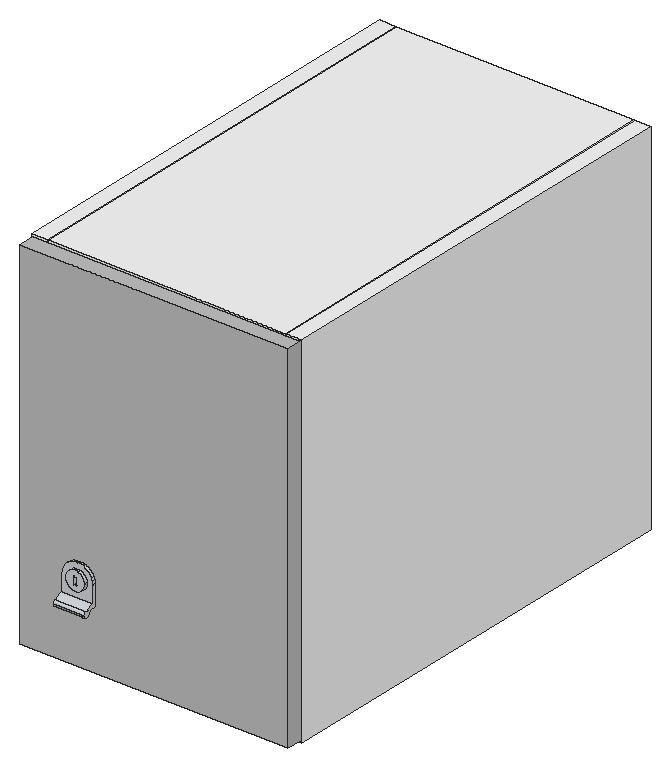
Revit family "400H Top Box", category Casework, Revit 2016
Family settings
  OmniClass Number = 23.40.35.00
  OmniClass Title = Casework
  Work Plane-Based = No
  Always vertical = Yes
  Cut with Voids When Loaded = No
  Shared = No
  Room Calculation Point = No
Parameters (values of type "LW304S1ABNP")
  WarrantyGuarantorParts = "www.bisley.com"  # constant formula
  WarrantyGuarantorLabour = "www.bisley.com"  # constant formula
  WarrantyDurationUnit = "Years"  # constant formula
  WarrantyDurationParts = "5"  # constant formula
  WarrantyDurationLabour = "5"  # constant formula
  WarrantyDescription = "5 Years Parts & Labour"  # constant formula
  Uniclass2015Version = "3.1"  # constant formula
  Uniclass2015Title = "Lockers"  # constant formula
  Uniclass2015Code = "Pr_40_30_78_48"  # constant formula
  URL = "www.bisley.com"
  SustainabilityPerformance = "FSC Approved"  # constant formula
  SerialNumber = ""
  NominalWidth = Width  # 300 mm
  NominalLength = Depth  # 500 mm
  NominalHeight = Height  # 2300 mm
  Name = "400H Top Box"  # constant formula
  NBSReference = "45-35-80/380"  # constant formula
  NBSDescription = "General fittings, furnishings and equipment system"  # constant formula
  ModelReference = "LW304S1ABNP"
  Model = "Lockerwall"  # constant formula
  Material = "MFC"  # constant formula
  ManufacturerURL = "www.bisley.com"  # constant formula
  Manufacturer = "Bisley"  # constant formula
  ManufactureName = "Bisley"  # constant formula
  M3 Lock = no
  Finish = "Matt"  # constant formula
  E4 Lock = no
  DurationUnit = "Years"  # constant formula
  Depth = 500 mm
  Height = 2300 mm
  Width = 300 mm
  Carcass Material = "MFC"  # constant formula
  Author = "Bisley"  # constant formula
  AssetType = "Fixed"  # constant formula
  AB Lock = yes
Types (10, lengths in mm): name | NominalWidth | ModelReference | M3 Lock | E4 Lock | Width | AB Lock
  (no name) | 300 | "LW304S1ABNP" | no | no | 300 | yes
  LW304S1ABNP | 300 | "LW304S1ABNP" | no | no | 300 | yes
  LW304S1E4NP | 300 | "LW304S1E4NP" | no | yes | 300 | no
  LW304S1M3NP | 300 | "LW304S1M3NP" | yes | no | 300 | no
  LW404S1ABNP | 400 | "LW404S1ABNP" | no | no | 400 | yes
  LW404S1E4NP | 400 | "LW404S1E4NP" | no | yes | 400 | no
  LW404S1M3NP | 400 | "LW404S1M3NP" | yes | no | 400 | no
  LW504S1ABNP | 500 | "LW504S1ABNP" | no | no | 500 | yes
  LW504S1E4NP | 500 | "LW504S1E4NP" | no | yes | 500 | no
  LW504S1M3NP | 500 | "LW504S1M3NP" | yes | no | 500 | no
Reference planes
  plane 1 "Back": y = 0
  plane 2: z = 0
  plane 3 "Center (Left/Right)": x = 44.7
  plane 4 "Front": y = -500
  plane 5 "Left": x = -105.3
  plane 6 "Right": x = 194.7
  plane 7 "Top": z = 2300
  plane 8 "Topbox Base": z = 1900
  plane 9: y = -482
  plane 10 "Left wall": x = -87.3
  plane 11: x = 176.7
  plane 12: y = -10.5
  plane 13: y = -29.5
  plane 14: z = 2287.5
  plane 15 "Back base": z = 1912.5
  plane 16: x = -103.3
  plane 17: x = 192.7
  plane 18: z = 2298
  plane 19: z = 1902
Forms (mm)
  Extrusion 1, solid, not visible
    sketch origin (-1691.73, 346.204, -12) x (1, 0, 0) y (0, 0, 1)
      loop
        line (48, 12) -> (56, 12) -> (56, 20) -> (48, 20) -> (48, 12)
    from 0 to 26
  Extrusion 2, solid, not visible
    sketch origin (-1683.73, 346.204, -12) x (-1, 0, 0) y (0, 0, -1)
      loop
        line (48, -12) -> (48, -20) -> (56, -20) -> (56, -12) -> (48, -12)
    from 0 to 26
  Extrusion 3, solid, not visible
    sketch origin (-1687.73, 350.204, -3.997) x (0, 1, 0) y (0, 0, 1)
      loop
        line (-26, 3.997) -> (-26, 11.997) -> (-34, 11.997) -> (-34, 3.997) -> (-26, 3.997)
    from -52 to 52
  Extrusion 4, solid, material "MFC 1"
    sketch origin (0, 0, 1900) x (-1, 0, 0) y (0, -1, 0)
      loop
        line (105.3, 482) -> (87.3, 482) -> (87.3, 0) -> (105.3, 0) -> (105.3, 482)
    from 0 to 400
  Extrusion 5, solid, material "MFC 1"
    sketch origin (0, 0, 1900) x (-1, 0, 0) y (0, -1, 0)
      loop
        line (-176.7, 482) -> (-194.7, 482) -> (-194.7, 0) -> (-176.7, 0) -> (-176.7, 482)
    from 0 to 400
  Extrusion 6, solid, material "MFC 1"
    sketch origin (0, 0, 1900) x (-1, 0, 0) y (0, -1, 0)
      loop
        line (87.3, 482) -> (-176.7, 482) -> (-176.7, 0) -> (87.3, 0) -> (87.3, 482)
    from 0 to 18
  Extrusion 7, solid, material "MFC 1"
    sketch origin (0, 0, 2300) x (0, -1, 0) y (1, 0, 0)
      loop
        line (482, -87.3) -> (482, 176.7) -> (0, 176.7) -> (0, -87.3) -> (482, -87.3)
    from 0 to -18
  Extrusion 8, void
    sketch origin (-87.3, 0, 0) x (0, 1, 0) y (0, 0, 1)
      loop
        line (-10.5, 1912.5) -> (-10.5, 1918) -> (-29.5, 1918) -> (-29.5, 1912.5) -> (-10.5, 1912.5)
    from 0 to 264
  Extrusion 9, void
    sketch origin (-87.3, 0, 0) x (0, 1, 0) y (0, 0, 1)
      loop
        line (-10.5, 2282) -> (-10.5, 2287.5) -> (-29.5, 2287.5) -> (-29.5, 2282) -> (-10.5, 2282)
    from 0 to 264
  Extrusion 10, solid, material "MFC 1"
    sketch origin (0, 0, 1912.5) x (0, 1, 0) y (-1, 0, 0)
      loop
        line (-29.5, 87.3) -> (-29.5, -176.7) -> (-10.5, -176.7) -> (-10.5, 87.3) -> (-29.5, 87.3)
    from 0 to 374
  Extrusion 11, solid, material "MFC 2"
    sketch origin (0, -500, 0) x (1, 0, 0) y (0, 0, 1)
      loop
        line (-103.3, 1902) -> (192.7, 1902) -> (192.7, 2298) -> (-103.3, 2298) -> (-103.3, 1902)
    from 0 to -18
Cuts and joins
  Extrusion 8, Extrusion 9 cuts Extrusion 4
  Extrusion 8, Extrusion 9 cuts Extrusion 5
  Extrusion 8 cuts Extrusion 6
  Extrusion 9 cuts Extrusion 7
Dimensions and locks
  "Width": plane 6 "Right" to plane 5 "Left"
  equal spacing: plane 6 "Right", plane 3 "Center (Left/Right)", plane 5 "Left"
  "Depth": plane 4 "Front" to plane 1 "Back"
  "Height": level to plane 7 "Top"
  locked: plane 16 to plane 5 "Left" at 2
  locked: plane 6 "Right" to plane 17 at 2
  locked: plane 10 "Left wall" to plane 5 "Left" at 18
  locked: plane 6 "Right" to plane 11 at 18
  locked: plane 5 "Left" to nested 1 at 51
  locked: plane 5 "Left" to nested 2 at 54
  locked: plane 5 "Left" to nested 3 at 40.5
  aligned and locked: level to plane 2
  aligned and locked: Extrusion 4 sketch curve to plane 9
  aligned and locked: Extrusion 4 sketch curve to plane 5 "Left"
  aligned and locked: Extrusion 4 sketch curve to plane 1 "Back"
  aligned and locked: plane 10 "Left wall" to Extrusion 4 sketch curve
  aligned and locked: Extrusion 5 sketch curve to plane 9
  aligned and locked: Extrusion 5 sketch curve to plane 11
  aligned and locked: Extrusion 5 sketch curve to plane 1 "Back"
  aligned and locked: plane 6 "Right" to Extrusion 5 sketch curve
  aligned and locked: Extrusion 4 to plane 7 "Top"
  aligned and locked: Extrusion 4 to plane 8 "Topbox Base"
  aligned and locked: Extrusion 5 to plane 8 "Topbox Base"
  aligned and locked: Extrusion 5 to plane 7 "Top"
  aligned and locked: Extrusion 6 sketch curve to plane 9
  aligned and locked: Extrusion 6 sketch curve to plane 10 "Left wall"
  aligned and locked: Extrusion 6 sketch curve to plane 1 "Back"
  aligned and locked: plane 11 to Extrusion 6 sketch curve
  aligned and locked: Extrusion 6 to plane 8 "Topbox Base"
  aligned and locked: plane 9 to Extrusion 7 sketch curve
  aligned and locked: plane 10 "Left wall" to Extrusion 7 sketch curve
  aligned and locked: plane 1 "Back" to Extrusion 7 sketch curve
  aligned and locked: Extrusion 7 sketch curve to plane 11
  aligned and locked: Extrusion 7 to plane 7 "Top"
  aligned and locked: Extrusion 8 to plane 10 "Left wall"
  aligned and locked: plane 11 to Extrusion 8
  aligned and locked: Extrusion 9 to plane 10 "Left wall"
  aligned and locked: plane 11 to Extrusion 9
  aligned and locked: plane 14 to Extrusion 9
  aligned and locked: Extrusion 8 to plane 15 "Back base"
  aligned and locked: Extrusion 10 sketch curve to plane 13
  aligned and locked: Extrusion 10 sketch curve to plane 10 "Left wall"
  aligned and locked: plane 11 to Extrusion 10 sketch curve
  aligned and locked: Extrusion 11 sketch curve to plane 19
  aligned and locked: Extrusion 11 sketch curve to plane 16
  aligned and locked: plane 18 to Extrusion 11 sketch curve
  aligned and locked: plane 17 to Extrusion 11 sketch curve
Automatic sketch dimensions
  Extrusion 1 sketch curve to Extrusion 1 sketch curve = 8 mm  (x2)
  Extrusion 2 sketch curve to Extrusion 2 sketch curve = 8 mm  (x2)
  Extrusion 3 sketch curve to Extrusion 3 sketch curve = 8 mm  (x2)
  Extrusion 8 sketch curve to plane 13 = 0 mm
  Extrusion 8 sketch curve to plane 12 = 0 mm
  Extrusion 8 sketch curve to plane 15 "Back base" = 0 mm
  Extrusion 8 sketch curve to Extrusion 8 sketch curve = 5.5 mm
  Extrusion 9 sketch curve to plane 13 = 0 mm
  Extrusion 9 sketch curve to plane 12 = 0 mm
  Extrusion 9 sketch curve to plane 14 = 0 mm
  Extrusion 9 sketch curve to plane 14 = 5.5 mm
  plane 12 to Extrusion 10 sketch curve = 0 mm
Nested families
  nested 1: "AB Lock" at (-82, -500, 1962), visible <- "AB Lock", type "AB Lock"
  nested 2: "E4 Lock" at (-83.3, -500, 1967), visible <- "E4 Lock", type "E4 Lock"
  nested 3: "M3 Lock" at (-93, -500, 1959), visible <- "M3 Lock", type "M3 Lock"
Definition of nested family "AB Lock"
  Parameters (values of type "AB Lock")
    WarrantyGuarantorParts = "www.bisley.com"  # constant formula
    WarrantyGuarantorLabour = "www.bisley.com"  # constant formula
    WarrantyDurationUnit = "Years"  # constant formula
    WarrantyDurationParts = "5"  # constant formula
    WarrantyDurationLabour = "5"  # constant formula
    WarrantyDescription = "5 Years Parts & Labour"  # constant formula
    Uniclass2015Version = ""
    Uniclass2015Title = ""
    Uniclass2015Code = ""
    URL = "www.bisley.com"
    SustainabilityPerformance = "FSC Approved"  # constant formula
    SerialNumber = ""
    NominalWidth = Width  # 34 mm
    NominalLength = Depth  # 15 mm
    NominalHeight = Height  # 45 mm
    Name = ""
    NBSReference = ""
    NBSDescription = "General fittings, furnishings and equipment system"  # constant formula
    ModelReference = ""
    Model = "Abode"  # constant formula
    Material = "MFC"  # constant formula
    ManufacturerURL = "www.bisley.com"  # constant formula
    Manufacturer = "Bisley"  # constant formula
    ManufactureName = "Bisley"  # constant formula
    Finish = "Matt"  # constant formula
    ExpectedLife = "25"  # constant formula
    DurationUnit = "Years"  # constant formula
    Depth = 15 mm
    Height = 45 mm
    Width = 34 mm
    Carcass Material = "MFC"  # constant formula
    Author = "Bisley"  # constant formula
    AssetType = "Fixed"  # constant formula
  Reference planes
    plane 1 "Back": y = 0
    plane 2: z = 0
    plane 3 "Center (Left/Right)": x = 44.7
    plane 4 "Front": y = -15
    plane 5 "Left": x = 27.7
    plane 6 "Right": x = 61.7
    plane 7 "Top": z = 45
    plane 8: z = 28
    plane 9: z = 3
    plane 10: x = 31.2
    plane 11: x = 58.2
    plane 12: z = 6
    plane 13: y = -12
    plane 14: z = 10
    plane 15 "Lockback": y = -3
    plane 16: x = 43.2
    plane 17: x = 46.2
    plane 18: z = 32
    plane 19: z = 24
  Forms (mm)
    Extrusion 1, solid, not visible
      sketch origin (-1691.73, 346.204, -12) x (1, 0, 0) y (0, 0, 1)
        loop
          line (48, 12) -> (56, 12) -> (56, 20) -> (48, 20) -> (48, 12)
      from 0 to 26
    Extrusion 2, solid, not visible
      sketch origin (-1683.73, 346.204, -12) x (-1, 0, 0) y (0, 0, -1)
        loop
          line (48, -12) -> (48, -20) -> (56, -20) -> (56, -12) -> (48, -12)
      from 0 to 26
    Extrusion 3, solid, not visible
      sketch origin (-1687.73, 350.204, -3.997) x (0, 1, 0) y (0, 0, 1)
        loop
          line (-26, 3.997) -> (-26, 11.997) -> (-34, 11.997) -> (-34, 3.997) -> (-26, 3.997)
      from -52 to 52
    Extrusion 4, solid
      sketch origin (0, 0, 0) x (1, 0, 0) y (0, 0, 1)
        loop
          line (27.7, 28) -> (27.7, 6) -> (61.7, 6) -> (61.7, 28)
          arc (61.7, 28) -> (44.7, 45) -> (27.7, 28) r 17
      from 0 to 3
    Extrusion 5, solid
      sketch origin (27.7, 0, 0) x (0, 1, 0) y (0, 0, 1)
        loop
          circle (-12, 3) r 3
      from 0 to 34
    Extrusion 6, solid
      sketch origin (27.7, 0, 0) x (0, 1, 0) y (0, 0, 1)
        loop
          line (0, 6) -> (-3, 10)
          arc (-3, 10) -> (-7.815, 8.71) -> (-12, 6) r 16
          arc (-12, 6) -> (-9.879, 5.121) -> (-9, 3) r 3
          arc (-9, 3) -> (-4.809, 5.427) -> (0, 6) r 12
      from 0 to 34
    Extrusion 7, void
      sketch origin (27.7, 0, 0) x (0, 1, 0) y (0, 0, 1)
        loop
          line (-3, 10) -> (-3, 6) -> (0, 6) -> (-3, 10)
      from 0 to 34
    Extrusion 8, solid
      sketch origin (0, -3, 0) x (-1, 0, 0) y (0, 0, 1)
        loop
          circle (-44.7, 28) r 10.5
      from 0 to -3
    Extrusion 9, void
      sketch origin (0, -3, 0) x (-1, 0, 0) y (0, 0, 1)
        loop
          line (-43.2, 24) -> (-43.2, 32) -> (-46.2, 32) -> (-46.2, 24) -> (-43.2, 24)
      from 0 to -3
  Cuts and joins
    Extrusion 7, Extrusion 9 cuts Extrusion 4
    Extrusion 9 cuts Extrusion 5
    Extrusion 9 cuts Extrusion 6
    joined: Extrusion 4, Extrusion 5, Extrusion 6
    Extrusion 9 cuts Extrusion 8
  Lines and regions (mm)
    reference lines
      curve 1: arc (27.7, 0, 6) -> (27.7, -4.809, 5.427) -> (27.7, -9, 3) r 12
      curve 2: arc (27.7, -3, 10) -> (27.7, -7.815, 8.71) -> (27.7, -12, 6) r 16
  Dimensions and locks
    "Width": plane 6 "Right" to plane 5 "Left"
    equal spacing: plane 6 "Right", plane 3 "Center (Left/Right)", plane 5 "Left"
    "Depth": plane 4 "Front" to plane 1 "Back"
    "Height": level to plane 7 "Top"
    aligned and locked: level to plane 2
  Automatic sketch dimensions
    Extrusion 1 sketch curve to Extrusion 1 sketch curve = 8 mm  (x2)
    Extrusion 2 sketch curve to Extrusion 2 sketch curve = 8 mm  (x2)
    Extrusion 3 sketch curve to Extrusion 3 sketch curve = 8 mm  (x2)
    Extrusion 4 sketch curve to plane 5 "Left" = 0 mm
    Extrusion 4 sketch curve to plane 6 "Right" = 0 mm
    Extrusion 4 sketch curve to plane 12 = 0 mm
    Extrusion 4 sketch curve to plane 8 = 0 mm
    Extrusion 5 sketch curve to plane 9 = 0 mm
    Extrusion 5 sketch curve to plane 13 = 0 mm
    curve 2 to plane 12 = 0 mm
    curve 2 to plane 13 = 0 mm
    curve 1 to plane 9 = 0 mm
    plane 14 to curve 2 = 0 mm
    curve 1 to plane 1 "Back" = 0 mm
    curve 1 to plane 12 = 0 mm
    plane 1 "Back" to curve 2 = 1.317 mm
    curve 2 to curve 1 = 0.303 mm
    curve 2 to level = 5.911 mm
    curve 1 to curve 2 = 0.046 mm
    Extrusion 6 sketch curve to plane 12 = 0 mm  (x2)
    Extrusion 6 sketch curve to plane 13 = 0 mm
    Extrusion 6 sketch curve to plane 9 = 0 mm
    plane 14 to Extrusion 6 sketch curve = 0 mm
    Extrusion 6 sketch curve to plane 1 "Back" = 0 mm
    plane 1 "Back" to Extrusion 6 sketch curve = 3 mm
    plane 1 "Back" to Extrusion 6 sketch curve = 1.317 mm
    Extrusion 6 sketch curve to Extrusion 6 sketch curve = 0.303 mm
    Extrusion 7 sketch curve to plane 12 = 0 mm
    plane 14 to Extrusion 7 sketch curve = 0 mm
    Extrusion 7 sketch curve to plane 1 "Back" = 0 mm
    plane 1 "Back" to Extrusion 7 sketch curve = 3 mm
    Extrusion 8 sketch curve to plane 3 "Center (Left/Right)" = 0 mm
    Extrusion 8 sketch curve to plane 8 = 0 mm
    Extrusion 9 sketch curve to plane 17 = 0 mm
    Extrusion 9 sketch curve to plane 16 = 0 mm
    Extrusion 9 sketch curve to plane 19 = 0 mm
    Extrusion 9 sketch curve to plane 18 = 0 mm
    radius of Extrusion 5 sketch curve = 3 mm
    radius of Extrusion 8 sketch curve = 10.5 mm
Definition of nested family "E4 Lock"
  Parameters (values of type "E4 Lock")
    WarrantyGuarantorParts = "www.bisley.com"  # constant formula
    WarrantyGuarantorLabour = "www.bisley.com"  # constant formula
    WarrantyDurationUnit = "Years"  # constant formula
    WarrantyDurationParts = "5"  # constant formula
    WarrantyDurationLabour = "5"  # constant formula
    WarrantyDescription = "5 Years Parts & Labour"  # constant formula
    Uniclass2015Version = ""
    Uniclass2015Title = ""
    Uniclass2015Code = ""
    URL = "www.bisley.com"
    SustainabilityPerformance = "FSC Approved"  # constant formula
    SerialNumber = ""
    NominalWidth = Width  # 25.4 mm
    NominalLength = Depth  # 20.4 mm
    NominalHeight = Height  # 101 mm
    Name = ""
    NBSReference = ""
    NBSDescription = "General fittings, furnishings and equipment system"  # constant formula
    ModelReference = ""
    Model = "Abode"  # constant formula
    Material = "MFC"  # constant formula
    ManufacturerURL = "www.bisley.com"  # constant formula
    Manufacturer = "Bisley"  # constant formula
    ManufactureName = "Bisley"  # constant formula
    Finish = "Matt"  # constant formula
    ExpectedLife = "25"  # constant formula
    DurationUnit = "Years"  # constant formula
    Depth = 20.4 mm
    Height = 101 mm
    Width = 25.4 mm
    Carcass Material = "MFC"  # constant formula
    Author = "Bisley"  # constant formula
    AssetType = "Fixed"  # constant formula
  Reference planes
    plane 1 "Back": y = 0
    plane 2: z = 0
    plane 3 "Center (Left/Right)": x = 44.7
    plane 4 "Front": y = -20.4
    plane 5 "Left": x = 32
    plane 6 "Right": x = 57.4
    plane 7 "Top": z = 101
    plane 8 "Back Front": y = -13.4
    plane 9: x = 35
    plane 10: x = 54.4
    plane 11: x = 35
    plane 12: x = 54.4
    plane 13: z = 3
    plane 14: z = 98
    plane 15 "Numbers": y = -14.4
    plane 16: z = 94
    plane 17: z = 87
    plane 18: z = 84.5
    plane 19: z = 77.5
    plane 20: z = 75
    plane 21: z = 68
    plane 22: z = 65.5
    plane 23: z = 58.5
    plane 24: z = 56
    plane 25: z = 49
    plane 26: z = 46.5
    plane 27: z = 39.5
    plane 28: z = 37
    plane 29: z = 32
    plane 30: z = 5.5
    plane 31: z = 25
    plane 32: z = 23
    plane 33: x = 36
    plane 34: x = 53.4
    plane 35: x = 44.5
    plane 36: x = 44.9
    plane 37: x = 37.98
    plane 38: x = 51.4
    plane 39: z = 35.539
    plane 40: z = 33.5
    plane 41: z = 28.5
    plane 42: x = 41.287
    plane 43: x = 48.1
    plane 44: x = 39.98
    plane 45: x = 49.4
    plane 46: z = 21
    plane 47: z = 7.5
    plane 48: z = 14.25
  Forms (mm)
    Extrusion 1, solid, not visible
      sketch origin (-1691.73, 346.204, -12) x (1, 0, 0) y (0, 0, 1)
        loop
          line (48, 12) -> (56, 12) -> (56, 20) -> (48, 20) -> (48, 12)
      from 0 to 26
    Extrusion 2, solid, not visible
      sketch origin (-1683.73, 346.204, -12) x (-1, 0, 0) y (0, 0, -1)
        loop
          line (48, -12) -> (48, -20) -> (56, -20) -> (56, -12) -> (48, -12)
      from 0 to 26
    Extrusion 3, solid, not visible
      sketch origin (-1687.73, 350.204, -3.997) x (0, 1, 0) y (0, 0, 1)
        loop
          line (-26, 3.997) -> (-26, 11.997) -> (-34, 11.997) -> (-34, 3.997) -> (-26, 3.997)
      from -52 to 52
    Extrusion 4, solid
      sketch origin (0, 0, 0) x (1, 0, 0) y (0, 0, 1)
        loop
          line (32, 0) -> (57.4, 0) -> (57.4, 101) -> (32, 101) -> (32, 0)
      from 0 to 13.4
    Extrusion 5, void
      sketch origin (0, 0, 0) x (1, 0, 0) y (0, 0, 1)
        loop
          arc (32, 98) -> (32.879, 100.121) -> (35, 101) r 3
          line (35, 101) -> (32, 101) -> (32, 98)
      from 0 to 13.4
    Extrusion 6, void
      sketch origin (0, 0, 0) x (1, 0, 0) y (0, 0, 1)
        loop
          line (57.4, 98) -> (57.4, 101) -> (54.4, 101)
          arc (54.4, 101) -> (56.522, 100.121) -> (57.4, 98) r 3
      from 0 to 13.4
    Extrusion 7, void
      sketch origin (0, 0, 0) x (1, 0, 0) y (0, 0, 1)
        loop
          line (32, 3) -> (32, 0) -> (35, 0)
          arc (35, 0) -> (32.879, 0.879) -> (32, 3) r 3
      from 0 to 13.4
    Extrusion 8, void
      sketch origin (0, 0, 0) x (1, 0, 0) y (0, 0, 1)
        loop
          line (54.4, 0) -> (57.4, 0) -> (57.4, 3)
          arc (57.4, 3) -> (56.522, 0.879) -> (54.4, 0) r 3
      from 0 to 13.4
    Extrusion 9, solid
      sketch origin (0, -13.4, 0) x (-1, 0, 0) y (0, 0, 1)
        loop
          line (-36, 87) -> (-36, 94) -> (-44.5, 94) -> (-44.5, 87) -> (-36, 87)
      from 0 to -1
    Extrusion 10, solid
      sketch origin (0, -13.4, 0) x (-1, 0, 0) y (0, 0, 1)
        loop
          line (-44.9, 87) -> (-44.9, 94) -> (-53.4, 94) -> (-53.4, 87) -> (-44.9, 87)
      from 0 to -1
    Extrusion 11, solid
      sketch origin (0, -13.4, -9.5) x (-1, 0, 0) y (0, 0, 1)
        loop
          line (-36, 87) -> (-36, 94) -> (-44.5, 94) -> (-44.5, 87) -> (-36, 87)
      from 0 to -1
    Extrusion 12, solid
      sketch origin (0, -13.4, -9.5) x (-1, 0, 0) y (0, 0, 1)
        loop
          line (-44.9, 87) -> (-44.9, 94) -> (-53.4, 94) -> (-53.4, 87) -> (-44.9, 87)
      from 0 to -1
    Extrusion 13, solid
      sketch origin (0, -13.4, -19) x (-1, 0, 0) y (0, 0, 1)
        loop
          line (-36, 87) -> (-36, 94) -> (-44.5, 94) -> (-44.5, 87) -> (-36, 87)
      from 0 to -1
    Extrusion 14, solid
      sketch origin (0, -13.4, -19) x (-1, 0, 0) y (0, 0, 1)
        loop
          line (-44.9, 87) -> (-44.9, 94) -> (-53.4, 94) -> (-53.4, 87) -> (-44.9, 87)
      from 0 to -1
    Extrusion 15, solid
      sketch origin (0, -13.4, -28.5) x (-1, 0, 0) y (0, 0, 1)
        loop
          line (-36, 87) -> (-36, 94) -> (-44.5, 94) -> (-44.5, 87) -> (-36, 87)
      from 0 to -1
    Extrusion 16, solid
      sketch origin (0, -13.4, -28.5) x (-1, 0, 0) y (0, 0, 1)
        loop
          line (-44.9, 87) -> (-44.9, 94) -> (-53.4, 94) -> (-53.4, 87) -> (-44.9, 87)
      from 0 to -1
    Extrusion 17, solid
      sketch origin (0, -13.4, -38) x (-1, 0, 0) y (0, 0, 1)
        loop
          line (-36, 87) -> (-36, 94) -> (-44.5, 94) -> (-44.5, 87) -> (-36, 87)
      from 0 to -1
    Extrusion 18, solid
      sketch origin (0, -13.4, -38) x (-1, 0, 0) y (0, 0, 1)
        loop
          line (-44.9, 87) -> (-44.9, 94) -> (-53.4, 94) -> (-53.4, 87) -> (-44.9, 87)
      from 0 to -1
    Extrusion 19, solid
      sketch origin (0, -13.4, -47.5) x (-1, 0, 0) y (0, 0, 1)
        loop
          line (-36, 87) -> (-36, 94) -> (-44.5, 94) -> (-44.5, 87) -> (-36, 87)
      from 0 to -1
    Extrusion 20, solid
      sketch origin (0, -13.4, -47.5) x (-1, 0, 0) y (0, 0, 1)
        loop
          line (-44.9, 87) -> (-44.9, 94) -> (-53.4, 94) -> (-53.4, 87) -> (-44.9, 87)
      from 0 to -1
    Extrusion 21, solid
      sketch origin (0, -14.4, 0) x (-1, 0, 0) y (0, 0, 1)
        loop
          line (-37.98, 33.5) -> (-37.98, 35.539) -> (-51.4, 35.539) -> (-51.4, 33.5) -> (-37.98, 33.5)
      from 0 to 1
    Extrusion 22, solid
      sketch origin (0, -14.4, 0) x (-1, 0, 0) y (0, 0, 1)
        loop
          line (-37.98, 25) -> (-37.98, 32) -> (-51.4, 32) -> (-51.4, 25) -> (-37.98, 25)
      from 0 to 1
    Extrusion 23, void
      sketch origin (0, -14.4, 0) x (-1, 0, 0) y (0, 0, 1)
        loop
          circle (-41.287, 28.5) r 1
      from 0 to 1
    Extrusion 24, void
      sketch origin (0, -14.4, 0) x (-1, 0, 0) y (0, 0, 1)
        loop
          circle (-44.7, 28.5) r 0.982
      from 0 to 1
    Extrusion 25, void
      sketch origin (0, -14.4, 0) x (-1, 0, 0) y (0, 0, 1)
        loop
          circle (-48.1, 28.5) r 1.013
      from 0 to 1
    Extrusion 26, solid
      sketch origin (0, -20.4, 0) x (1, 0, 0) y (0, 0, 1)
        loop
          line (37.98, 5.5) -> (51.4, 5.5) -> (51.4, 23) -> (37.98, 23) -> (37.98, 5.5)
      from 0 to -6
    Extrusion 27, void
      sketch origin (0, -20.4, 0) x (1, 0, 0) y (0, 0, 1)
        loop
          line (39.98, 23) -> (37.98, 23) -> (37.98, 21)
          arc (37.98, 21) -> (38.566, 22.414) -> (39.98, 23) r 2
      from 0 to -6
    Extrusion 28, void
      sketch origin (0, -20.4, 0) x (1, 0, 0) y (0, 0, 1)
        loop
          arc (49.4, 23) -> (50.815, 22.414) -> (51.4, 21) r 2
          line (51.4, 21) -> (51.4, 23) -> (49.4, 23)
      from 0 to -6
    Extrusion 29, void
      sketch origin (0, -20.4, 0) x (1, 0, 0) y (0, 0, 1)
        loop
          line (37.98, 7.5) -> (37.98, 5.5) -> (39.98, 5.5)
          arc (39.98, 5.5) -> (38.566, 6.086) -> (37.98, 7.5) r 2
      from 0 to -6
    Extrusion 30, void
      sketch origin (0, -20.4, 0) x (1, 0, 0) y (0, 0, 1)
        loop
          line (49.4, 5.5) -> (51.4, 5.5) -> (51.4, 7.5)
          arc (51.4, 7.5) -> (50.815, 6.086) -> (49.4, 5.5) r 2
      from 0 to -6
    Extrusion 31, solid
      sketch origin (0, -14.4, 0) x (-1, 0, 0) y (0, 0, 1)
        loop
          circle (-44.7, 14.25) r 7.5
      from 0 to 1
  Cuts and joins
    Extrusion 5, Extrusion 6, Extrusion 7, Extrusion 8 cuts Extrusion 4
    Extrusion 23, Extrusion 24, Extrusion 25 cuts Extrusion 22
    Extrusion 27, Extrusion 28, Extrusion 29, Extrusion 30 cuts Extrusion 26
  Dimensions and locks
    "Width": plane 6 "Right" to plane 5 "Left"
    equal spacing: plane 6 "Right", plane 3 "Center (Left/Right)", plane 5 "Left"
    "Depth": plane 4 "Front" to plane 1 "Back"
    "Height": level to plane 7 "Top"
    aligned and locked: level to plane 2
    aligned and locked: Extrusion 4 to plane 5 "Left"
    aligned and locked: plane 6 "Right" to Extrusion 4
    aligned and locked: Extrusion 4 to plane 7 "Top"
    aligned and locked: Extrusion 4 to level
  Automatic sketch dimensions
    Extrusion 1 sketch curve to Extrusion 1 sketch curve = 8 mm  (x2)
    Extrusion 2 sketch curve to Extrusion 2 sketch curve = 8 mm  (x2)
    Extrusion 3 sketch curve to Extrusion 3 sketch curve = 8 mm  (x2)
    Extrusion 4 sketch curve to plane 5 "Left" = 0 mm
    Extrusion 4 sketch curve to plane 6 "Right" = 0 mm
    Extrusion 4 sketch curve to level = 0 mm
    Extrusion 4 sketch curve to plane 7 "Top" = 0 mm
    Extrusion 5 sketch curve to plane 5 "Left" = 0 mm  (x2)
    Extrusion 5 sketch curve to plane 7 "Top" = 0 mm
    Extrusion 5 sketch curve to plane 9 = 0 mm
    Extrusion 5 sketch curve to plane 14 = 0 mm
    Extrusion 6 sketch curve to plane 10 = 0 mm
    Extrusion 6 sketch curve to plane 6 "Right" = 0 mm
    Extrusion 6 sketch curve to plane 14 = 0 mm
    Extrusion 7 sketch curve to level = 0 mm
    Extrusion 7 sketch curve to plane 5 "Left" = 0 mm
    plane 9 to Extrusion 7 sketch curve = 0 mm
    Extrusion 8 sketch curve to level = 0 mm
    plane 10 to Extrusion 8 sketch curve = 0 mm
    Extrusion 8 sketch curve to plane 6 "Right" = 0 mm
    Extrusion 9 sketch curve to plane 17 = 0 mm
    Extrusion 9 sketch curve to plane 35 = 0 mm
    Extrusion 9 sketch curve to plane 16 = 0 mm
    Extrusion 9 sketch curve to plane 33 = 0 mm
    Extrusion 10 sketch curve to plane 17 = 0 mm
    Extrusion 10 sketch curve to plane 34 = 0 mm
    Extrusion 10 sketch curve to plane 16 = 0 mm
    Extrusion 10 sketch curve to plane 36 = 0 mm
    Extrusion 11 sketch curve to plane 19 = 0 mm
    Extrusion 11 sketch curve to plane 35 = 0 mm
    Extrusion 11 sketch curve to plane 18 = 0 mm
    Extrusion 11 sketch curve to plane 33 = 0 mm
    Extrusion 12 sketch curve to plane 19 = 0 mm
    Extrusion 12 sketch curve to plane 34 = 0 mm
    Extrusion 12 sketch curve to plane 18 = 0 mm
    Extrusion 12 sketch curve to plane 36 = 0 mm
    Extrusion 13 sketch curve to plane 21 = 0 mm
    Extrusion 13 sketch curve to plane 35 = 0 mm
    Extrusion 13 sketch curve to plane 20 = 0 mm
    Extrusion 13 sketch curve to plane 33 = 0 mm
    Extrusion 14 sketch curve to plane 21 = 0 mm
    Extrusion 14 sketch curve to plane 34 = 0 mm
    Extrusion 14 sketch curve to plane 20 = 0 mm
    Extrusion 14 sketch curve to plane 36 = 0 mm
    Extrusion 15 sketch curve to plane 23 = 0 mm
    Extrusion 15 sketch curve to plane 35 = 0 mm
    Extrusion 15 sketch curve to plane 22 = 0 mm
    Extrusion 15 sketch curve to plane 33 = 0 mm
    Extrusion 16 sketch curve to plane 23 = 0 mm
    Extrusion 16 sketch curve to plane 34 = 0 mm
    Extrusion 16 sketch curve to plane 22 = 0 mm
    Extrusion 16 sketch curve to plane 36 = 0 mm
    Extrusion 17 sketch curve to plane 25 = 0 mm
    Extrusion 17 sketch curve to plane 35 = 0 mm
    Extrusion 17 sketch curve to plane 24 = 0 mm
    Extrusion 17 sketch curve to plane 33 = 0 mm
    Extrusion 18 sketch curve to plane 25 = 0 mm
    Extrusion 18 sketch curve to plane 34 = 0 mm
    Extrusion 18 sketch curve to plane 24 = 0 mm
    Extrusion 18 sketch curve to plane 36 = 0 mm
    Extrusion 19 sketch curve to plane 27 = 0 mm
    Extrusion 19 sketch curve to plane 35 = 0 mm
    Extrusion 19 sketch curve to plane 26 = 0 mm
    Extrusion 19 sketch curve to plane 33 = 0 mm
    Extrusion 20 sketch curve to plane 27 = 0 mm
    Extrusion 20 sketch curve to plane 34 = 0 mm
    Extrusion 20 sketch curve to plane 26 = 0 mm
    Extrusion 20 sketch curve to plane 36 = 0 mm
    Extrusion 21 sketch curve to plane 38 = 0 mm
    Extrusion 21 sketch curve to plane 37 = 0 mm
    Extrusion 21 sketch curve to plane 40 = 0 mm
    Extrusion 21 sketch curve to plane 39 = 0 mm
    Extrusion 22 sketch curve to plane 31 = 0 mm
    Extrusion 22 sketch curve to plane 38 = 0 mm
    Extrusion 22 sketch curve to plane 29 = 0 mm
    Extrusion 22 sketch curve to plane 37 = 0 mm
    Extrusion 23 sketch curve to plane 41 = 0 mm
    Extrusion 23 sketch curve to plane 42 = 0 mm
    Extrusion 24 sketch curve to plane 3 "Center (Left/Right)" = 0 mm
    Extrusion 24 sketch curve to plane 41 = 0 mm
    Extrusion 25 sketch curve to plane 41 = 0 mm
    Extrusion 25 sketch curve to plane 43 = 0 mm
    Extrusion 26 sketch curve to plane 32 = 0 mm
    Extrusion 26 sketch curve to plane 37 = 0 mm
    Extrusion 26 sketch curve to plane 38 = 0 mm
    Extrusion 26 sketch curve to plane 30 = 0 mm
    Extrusion 27 sketch curve to plane 32 = 0 mm
    Extrusion 27 sketch curve to plane 37 = 0 mm
    Extrusion 27 sketch curve to plane 46 = 0 mm
    Extrusion 28 sketch curve to plane 45 = 0 mm
    Extrusion 28 sketch curve to plane 32 = 0 mm
    Extrusion 28 sketch curve to plane 46 = 0 mm
    Extrusion 29 sketch curve to plane 30 = 0 mm
    Extrusion 29 sketch curve to plane 37 = 0 mm
    Extrusion 29 sketch curve to plane 47 = 0 mm
    Extrusion 30 sketch curve to plane 30 = 0 mm
    Extrusion 30 sketch curve to plane 45 = 0 mm
    Extrusion 30 sketch curve to plane 47 = 0 mm
    Extrusion 31 sketch curve to plane 3 "Center (Left/Right)" = 0 mm
    Extrusion 31 sketch curve to plane 48 = 0 mm
    radius of Extrusion 23 sketch curve = 1 mm
    radius of Extrusion 24 sketch curve = 0.982 mm
    radius of Extrusion 25 sketch curve = 1.013 mm
    radius of Extrusion 31 sketch curve = 7.5 mm
Definition of nested family "M3 Lock"
  Parameters (values of type "M3 Lock")
    WarrantyGuarantorParts = "www.bisley.com"  # constant formula
    WarrantyGuarantorLabour = "www.bisley.com"  # constant formula
    WarrantyDurationUnit = "Years"  # constant formula
    WarrantyDurationParts = "5"  # constant formula
    WarrantyDurationLabour = "5"  # constant formula
    WarrantyDescription = "5 Years Parts & Labour"  # constant formula
    Uniclass2015Version = ""
    Uniclass2015Title = ""
    Uniclass2015Code = ""
    URL = "www.bisley.com"
    SustainabilityPerformance = "FSC Approved"  # constant formula
    SerialNumber = ""
    NominalWidth = Width  # 33 mm
    NominalLength = Depth  # 21.5 mm
    NominalHeight = Height  # 83.5 mm
    Name = ""
    NBSReference = ""
    NBSDescription = "General fittings, furnishings and equipment system"  # constant formula
    ModelReference = ""
    Model = "Abode"  # constant formula
    Material = "MFC"  # constant formula
    ManufacturerURL = "www.bisley.com"  # constant formula
    Manufacturer = "Bisley"  # constant formula
    ManufactureName = "Bisley"  # constant formula
    Finish = "Matt"  # constant formula
    ExpectedLife = "25"  # constant formula
    DurationUnit = "Years"  # constant formula
    Depth = 21.5 mm
    Height = 83.5 mm
    Width = 33 mm
    Carcass Material = "MFC"  # constant formula
    Author = "Bisley"  # constant formula
    AssetType = "Fixed"  # constant formula
  Reference planes
    plane 1 "Back": y = 0
    plane 2: z = 0
    plane 3 "Center (Left/Right)": x = 44.7
    plane 4 "Front": y = -21.5
    plane 5 "Left": x = 28.2
    plane 6 "Right": x = 61.2
    plane 7 "Top": z = 83.5
    plane 8 "BackFront": y = -3.045
    plane 9: x = 32.2
    plane 10: z = 79.5
    plane 11: x = 57.2
    plane 12: z = 4
    plane 13: x = 32.2
    plane 14: x = 57.2
    plane 15 "Barrel Base": z = 30.5
    plane 16: x = 40.5
    plane 17: x = 48.9
    plane 18: y = -4.445
    plane 19: z = 74.5
    plane 20 "L4": z = 69.8
    plane 21: z = 64.9
    plane 22 "L3": z = 60.2
    plane 23: z = 55.3
    plane 24 "L2": z = 50.6
    plane 25: z = 45.7
    plane 26 "L1": z = 41
    plane 27: x = 38.2
    plane 28: x = 51.2
    plane 29: y = -4.945
    plane 30: z = 40.5
    plane 31 "l-1": z = 38.5
    plane 32: z = 16
    plane 33: y = -9.045
    plane 34 "Thumbturn": y = -19.5
    plane 35: x = 43.2
    plane 36: x = 46.2
    plane 37: z = 20
    plane 38: z = 12
  Forms (mm)
    Extrusion 1, solid, not visible
      sketch origin (-1691.73, 346.204, -12) x (1, 0, 0) y (0, 0, 1)
        loop
          line (48, 12) -> (56, 12) -> (56, 20) -> (48, 20) -> (48, 12)
      from 0 to 26
    Extrusion 2, solid, not visible
      sketch origin (-1683.73, 346.204, -12) x (-1, 0, 0) y (0, 0, -1)
        loop
          line (48, -12) -> (48, -20) -> (56, -20) -> (56, -12) -> (48, -12)
      from 0 to 26
    Extrusion 3, solid, not visible
      sketch origin (-1687.73, 350.204, -3.997) x (0, 1, 0) y (0, 0, 1)
        loop
          line (-26, 3.997) -> (-26, 11.997) -> (-34, 11.997) -> (-34, 3.997) -> (-26, 3.997)
      from -52 to 52
    Extrusion 4, solid
      sketch origin (0, 0, 0) x (1, 0, 0) y (0, 0, 1)
        loop
          line (28.2, 0) -> (61.2, 0) -> (61.2, 83.5) -> (28.2, 83.5) -> (28.2, 0)
      from 0 to 3
    Extrusion 5, void
      sketch origin (0, 0, 0) x (1, 0, 0) y (0, 0, 1)
        loop
          arc (28.2, 79.5) -> (29.372, 82.328) -> (32.2, 83.5) r 4
          line (32.2, 83.5) -> (28.2, 83.5) -> (28.2, 79.5)
      from 0 to 3
    Extrusion 6, void
      sketch origin (0, 0, 0) x (1, 0, 0) y (0, 0, 1)
        loop
          arc (57.2, 83.5) -> (60.029, 82.328) -> (61.2, 79.5) r 4
          line (61.2, 79.5) -> (61.2, 83.5) -> (57.2, 83.5)
      from 0 to 3
    Extrusion 7, void
      sketch origin (0, 0, 0) x (1, 0, 0) y (0, 0, 1)
        loop
          arc (32.2, 0) -> (29.372, 1.172) -> (28.2, 4) r 4
          line (28.2, 4) -> (28.2, 0) -> (32.2, 0)
      from 0 to 3
    Extrusion 8, void
      sketch origin (0, 0, 0) x (1, 0, 0) y (0, 0, 1)
        loop
          line (57.2, 0) -> (61.2, 0) -> (61.2, 4)
          arc (61.2, 4) -> (60.029, 1.172) -> (57.2, 0) r 4
      from 0 to 3
    Extrusion 9, solid
      sketch origin (0, 0, 30.5) x (-1, 0, 0) y (0, -1, 0)
        loop
          arc (-40.5, 3) -> (-44.7, 4.445) -> (-48.9, 3) r 6.827
          line (-48.9, 3) -> (-40.5, 3)
      from 0 to 49
    Extrusion 10, solid
      sketch origin (0, 0, 41) x (-1, 0, 0) y (0, -1, 0)
        loop
          arc (-38.2, 3) -> (-44.7, 4.945) -> (-51.2, 3) r 11.835
          line (-51.2, 3) -> (-38.2, 3)
      from 0 to 4.7
    Extrusion 11, solid
      sketch origin (0, 0, 50.6) x (-1, 0, 0) y (0, -1, 0)
        loop
          arc (-38.2, 3) -> (-44.7, 4.945) -> (-51.2, 3) r 11.835
          line (-51.2, 3) -> (-38.2, 3)
      from 0 to 4.7
    Extrusion 12, solid
      sketch origin (0, 0, 60.2) x (-1, 0, 0) y (0, -1, 0)
        loop
          arc (-38.2, 3) -> (-44.7, 4.945) -> (-51.2, 3) r 11.835
          line (-51.2, 3) -> (-38.2, 3)
      from 0 to 4.7
    Extrusion 13, solid
      sketch origin (0, 0, 69.8) x (-1, 0, 0) y (0, -1, 0)
        loop
          arc (-38.2, 3) -> (-44.7, 4.945) -> (-51.2, 3) r 11.835
          line (-51.2, 3) -> (-38.2, 3)
      from 0 to 4.7
    Extrusion 14, solid
      sketch origin (0, 0, 38.5) x (-1, 0, 0) y (0, -1, 0)
        loop
          arc (-38.2, 3) -> (-44.7, 4.945) -> (-51.2, 3) r 11.835
          line (-51.2, 3) -> (-38.2, 3)
      from 0 to 2
    Extrusion 15, solid
      sketch origin (0, -3.045, 0) x (-1, 0, 0) y (0, 0, 1)
        loop
          circle (-44.7, 16) r 14.25
      from 0 to -4
    Extrusion 16, solid
      sketch origin (0, -3.045, 0) x (-1, 0, 0) y (0, 0, 1)
        loop
          circle (-44.7, 16) r 12.7
      from 0 to -18.455
    Extrusion 17, void
      sketch origin (0, -21.5, 0) x (1, 0, 0) y (0, 0, 1)
        loop
          circle (44.7, 16) r 7.362
      from 0 to -1
    Extrusion 18, solid
      sketch origin (0, -21.5, 0) x (1, 0, 0) y (0, 0, 1)
        loop
          line (40.5, 29.617) -> (40.5, 27.985)
          arc (40.5, 27.985) -> (44.7, 28.7) -> (48.9, 27.985) r 12.7
          line (48.9, 27.985) -> (48.9, 29.617)
          arc (48.9, 29.617) -> (44.7, 30.25) -> (40.5, 29.617) r 14.25
      from 0 to -14.5
    Extrusion 19, solid
      sketch origin (0, -20.483, 0) x (1, 0, 0) y (0, 0, 1)
        loop
          circle (44.7, 16) r 13.48
      from 0 to -1.5
    Extrusion 20, void
      sketch origin (0, -21.5, 0) x (1, 0, 0) y (0, 0, 1)
        loop
          line (43.2, 12) -> (46.2, 12) -> (46.2, 20) -> (43.2, 20) -> (43.2, 12)
      from 0 to -10.5
  Cuts and joins
    Extrusion 5, Extrusion 6, Extrusion 7, Extrusion 8, Extrusion 17, Extrusion 20 cuts Extrusion 4
    Extrusion 17, Extrusion 20 cuts Extrusion 9
    Extrusion 17, Extrusion 20 cuts Extrusion 10
    Extrusion 17, Extrusion 20 cuts Extrusion 11
    Extrusion 17, Extrusion 20 cuts Extrusion 12
    Extrusion 17, Extrusion 20 cuts Extrusion 13
    Extrusion 17, Extrusion 20 cuts Extrusion 14
    Extrusion 17, Extrusion 20 cuts Extrusion 15
    Extrusion 17, Extrusion 20 cuts Extrusion 16
    Extrusion 20 cuts Extrusion 18
    Extrusion 20 cuts Extrusion 19
    joined: Extrusion 4, Extrusion 9, Extrusion 10, Extrusion 11, Extrusion 12, Extrusion 13, Extrusion 14, Extrusion 15, Extrusion 16, Extrusion 18, Extrusion 19
  Dimensions and locks
    "Width": plane 6 "Right" to plane 5 "Left"
    equal spacing: plane 6 "Right", plane 3 "Center (Left/Right)", plane 5 "Left"
    "Depth": plane 4 "Front" to plane 1 "Back"
    "Height": level to plane 7 "Top"
    aligned and locked: level to plane 2
    aligned and locked: plane 10 to Extrusion 9
    aligned and locked: Extrusion 9 to plane 15 "Barrel Base"
    aligned and locked: Extrusion 4 to plane 7 "Top"
    aligned and locked: plane 6 "Right" to Extrusion 4
    aligned and locked: Extrusion 4 to plane 5 "Left"
    aligned and locked: Extrusion 4 to level
  Automatic sketch dimensions
    Extrusion 1 sketch curve to Extrusion 1 sketch curve = 8 mm  (x2)
    Extrusion 2 sketch curve to Extrusion 2 sketch curve = 8 mm  (x2)
    Extrusion 3 sketch curve to Extrusion 3 sketch curve = 8 mm  (x2)
    Extrusion 4 sketch curve to plane 5 "Left" = 0 mm
    Extrusion 4 sketch curve to plane 6 "Right" = 0 mm
    Extrusion 4 sketch curve to level = 0 mm
    Extrusion 4 sketch curve to plane 7 "Top" = 0 mm
    Extrusion 5 sketch curve to plane 7 "Top" = 0 mm
    Extrusion 5 sketch curve to plane 9 = 0 mm
    Extrusion 5 sketch curve to plane 10 = 0 mm
    Extrusion 6 sketch curve to plane 7 "Top" = 0 mm  (x2)
    Extrusion 6 sketch curve to plane 11 = 0 mm
    Extrusion 6 sketch curve to plane 6 "Right" = 0 mm
    Extrusion 6 sketch curve to plane 10 = 0 mm
    Extrusion 7 sketch curve to level = 0 mm
    Extrusion 7 sketch curve to plane 5 "Left" = 0 mm
    plane 9 to Extrusion 7 sketch curve = 0 mm  (x2)
    Extrusion 7 sketch curve to plane 12 = 0 mm
    Extrusion 8 sketch curve to level = 0 mm
    plane 11 to Extrusion 8 sketch curve = 0 mm
    Extrusion 8 sketch curve to plane 12 = 0 mm
    Extrusion 9 sketch curve to plane 17 = 0 mm
    Extrusion 9 sketch curve to plane 16 = 0 mm
    Extrusion 9 sketch curve to plane 1 "Back" = 2.382 mm
    plane 8 "BackFront" to Extrusion 9 sketch curve = 0.045 mm
    Extrusion 10 sketch curve to plane 28 = 0 mm
    Extrusion 10 sketch curve to plane 27 = 0 mm
    Extrusion 10 sketch curve to plane 1 "Back" = 6.89 mm
    plane 8 "BackFront" to Extrusion 10 sketch curve = 0.045 mm
    Extrusion 11 sketch curve to plane 28 = 0 mm
    Extrusion 11 sketch curve to plane 27 = 0 mm
    Extrusion 11 sketch curve to plane 1 "Back" = 6.89 mm
    plane 8 "BackFront" to Extrusion 11 sketch curve = 0.045 mm
    Extrusion 12 sketch curve to plane 28 = 0 mm
    Extrusion 12 sketch curve to plane 27 = 0 mm
    Extrusion 12 sketch curve to plane 1 "Back" = 6.89 mm
    plane 8 "BackFront" to Extrusion 12 sketch curve = 0.045 mm
    Extrusion 13 sketch curve to plane 28 = 0 mm
    Extrusion 13 sketch curve to plane 27 = 0 mm
    Extrusion 13 sketch curve to plane 1 "Back" = 6.89 mm
    plane 8 "BackFront" to Extrusion 13 sketch curve = 0.045 mm
    Extrusion 14 sketch curve to plane 28 = 0 mm
    Extrusion 14 sketch curve to plane 27 = 0 mm
    Extrusion 14 sketch curve to plane 1 "Back" = 6.89 mm
    plane 8 "BackFront" to Extrusion 14 sketch curve = 0.045 mm
    Extrusion 15 sketch curve to plane 3 "Center (Left/Right)" = 0 mm
    Extrusion 15 sketch curve to plane 32 = 0 mm
    Extrusion 16 sketch curve to plane 3 "Center (Left/Right)" = 0 mm
    Extrusion 16 sketch curve to plane 32 = 0 mm
    Extrusion 17 sketch curve to plane 3 "Center (Left/Right)" = 0 mm
    Extrusion 17 sketch curve to plane 32 = 0 mm
    Extrusion 18 sketch curve to Extrusion 18 sketch curve = 0 mm  (x2)
    Extrusion 18 sketch curve to plane 16 = 0 mm
    Extrusion 18 sketch curve to plane 3 "Center (Left/Right)" = 0 mm
    Extrusion 18 sketch curve to plane 17 = 0 mm
    Extrusion 18 sketch curve to plane 32 = 0 mm
    Extrusion 18 sketch curve to plane 15 "Barrel Base" = 2.515 mm
    Extrusion 18 sketch curve to plane 15 "Barrel Base" = 0.883 mm
    Extrusion 19 sketch curve to plane 3 "Center (Left/Right)" = 0 mm
    Extrusion 19 sketch curve to plane 32 = 0 mm
    Extrusion 20 sketch curve to plane 35 = 0 mm
    Extrusion 20 sketch curve to plane 36 = 0 mm
    Extrusion 20 sketch curve to plane 38 = 0 mm
    Extrusion 20 sketch curve to plane 37 = 0 mm
    radius of Extrusion 15 sketch curve = 14.25 mm
    radius of Extrusion 16 sketch curve = 12.7 mm
    radius of Extrusion 17 sketch curve = 7.362 mm
    radius of Extrusion 19 sketch curve = 13.48 mm
